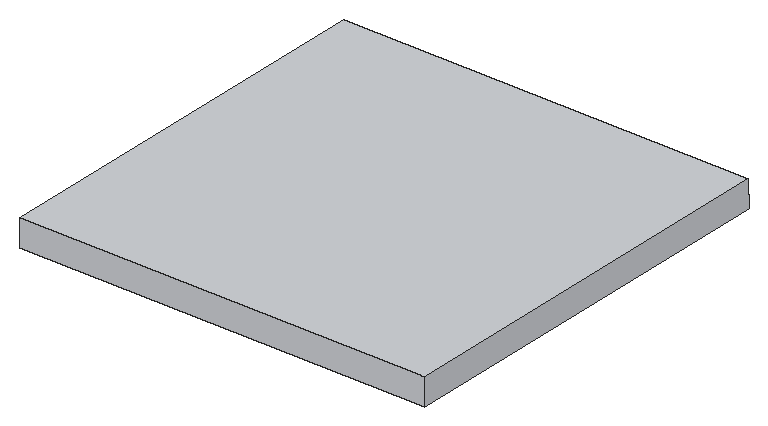
Revit family "1776_ TUPEX ELECTRIC_G", category Lighting Fixtures, host Face, Revit 2016
Family settings
  Host = Face
  Part Type = Normal
  Round Connector Dimension = Use Diameter
  Cut with Voids When Loaded = No
  Light Source = Yes
  Shared = No
  Room Calculation Point = Yes
Parameters
  width = 600 mm
  volt = 220 V
  length = 600 mm
  depth = 20 mm
  Wattage = 30 W
  built-in parameter 1150110 = 1 (stored number, unit not read)
  built-in parameter 1114217 = 1 (stored number, unit not read)
  Tilt Angle = 60.00°
  built-in parameter 1150109 = 1 (stored number, unit not read)
  built-in parameter 1150134 = 3
  built-in parameter 1150113 = 1 (stored number, unit not read)
  Photometric Web File = "1261.IES"
  built-in parameter 1150105 = 238.73 (stored number, unit not read)
  Lumens = 3000 lm
  built-in parameter 1150115 = 1 (stored number, unit not read)
  built-in parameter 1150137 = (empty or 0)
  built-in parameter 1150139 = (empty or 0)
  built-in parameter 1150112 = 1 (stored number, unit not read)
  built-in parameter 1150114 = 1 (stored number, unit not read)
  built-in parameter 1150132 = (empty or 0)
  built-in parameter 1150102 = (empty or 0)
  built-in parameter 1150107 = 3200 (stored number, unit not read)
  built-in parameter 1150138 = (empty or 0)
  built-in parameter 1150106 = 2.3873 (stored number, unit not read)
  built-in parameter 1150104 = 9.2903 (stored number, unit not read)
  Dimming Lamp Color Temperature Shift = (empty or 0)
  Default Elevation = 1219.2 mm
  Color Filter = 16777215
  built-in parameter 1114218 = 1 (stored number, unit not read)
  built-in parameter 1150133 = 10 (stored number, unit not read)
Reference planes
  plane 1 "Center (Front/Back)": y = 0
  plane 2: z = 0
  plane 3 "Center (Left/Right)": x = 0
  plane 4: x = 600
  plane 5: y = -600
  plane 6: z = 20
  plane 7: z = -20
  plane 8: y = -300
  plane 9: x = 300
Forms (mm)
  Extrusion 1, solid
    sketch origin (0, 0, 0) x (1, 0, 0) y (0, 0, 1)
      loop
        line (600, 20) -> (0, 20) -> (0, -20) -> (600, -20) -> (600, 20)
    from 0 to 600
Dimensions and locks
  "width": plane 3 "Center (Left/Right)" to plane 4
  "length": plane 5 to plane 1 "Center (Front/Back)"
  "depth": level to plane 6
  plane 7 to level = 20 mm
  aligned and locked: plane 2 to host face
  aligned and locked: level to host face
Automatic sketch dimensions
  host sketch curve to host sketch curve = 2438.4 mm  (x2)
  Extrusion 1 sketch curve to plane 6 = 0 mm
  Extrusion 1 sketch curve to plane 7 = 0 mm
  Extrusion 1 sketch curve to plane 3 "Center (Left/Right)" = 0 mm
  Extrusion 1 sketch curve to plane 4 = 0 mm
Connectors
  electrical at (300, -300, 20), driven by "volt"
    settings: on Extrusion 1, index 1, voltage 220 V, apparent load 0 VA, apparent load phase1 36 VA, apparent load phase2 0 VA, apparent load phase3 0 VA, power factor 1, load classification "Lighting", number of poles 1, system type 31, power factor state 1, is connector primary yes, connector utility no, sub classification motor no, connector description ""
